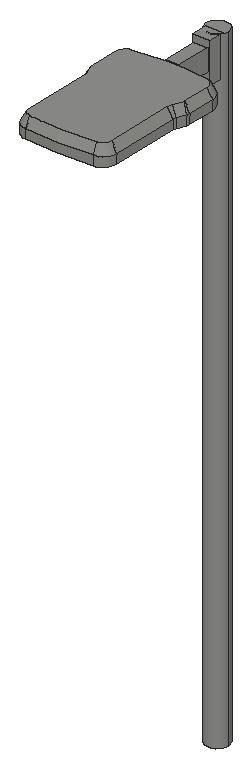
Revit family "VP-4-A_U", category Lighting Fixtures, host Face, Revit 2019
Family settings
  Host = Face
  Round Connector Dimension = Use Diameter
  Part Type = Normal
  OmniClass Number = 23.80.70.11.14.17
  OmniClass Title = Direct/Indirect
  Cut with Voids When Loaded = No
  Light Source = No
  Shared = Yes
  Room Calculation Point = No
Parameters (values of type "VP-4-A4U")
  Wattage Comments = "600W"  # constant formula
  Warranty = "Five year warranty"  # constant formula
  Voltage = 120 V
  URL = "https://www.currentlighting.com/beacon"
  Type Comments = "Lighting Fixture"  # constant formula
  Size = SIZE4_A_ : SIZE4_A_
  Product Page URL = "https://www.currentlighting.com/outdoor-lighting/viper-area-size-4/9606406"
  Product Documentation Link = "https://cdn.currentlighting.com/site/specsheet/BEA_VIPERSPEC.pdf"
  Power Factor = 0.9
  Pole Radius [instance] = Pole Size / 2  # 2.09"
  Pole Height [instance] = 120.00"
  Name = "Viper Area Size 4"  # constant formula
  Mounting Block Size [instance] = Pole Size - 1.00"  # 3.18"
  Model = "VP-4-A4U"
  Matt Grey = MATT GREY
  Matt Black = Matt Black
  Manufacturer = "Current Lighting"  # constant formula
  Load Classification = Lighting
  Light Output = 87468.00 cd/m²
  Lamp = "LED"  # constant formula
  Grey = Grey
  Glass = Glass
  Pole Size [instance] = 4.18"
  Features = "Featuring two different optical technologies, Micro Strike and Strike Optics, which provide the best distribution patterns for retrofit or new construction\r\nVibration rated for high vibration applications including bridges and overpasses\r\nControl options including photo control, occupancy sensing, NX Lighting Controls, wiSCAPE and 7-Pin with networked controls\r\nMounting options include: Arm, Universal Arm, Adjustable Arm, Mast Arm, Decorative Arm, Knuckle, Trunnion, Wall\r\nDistribution options include: Auto Front Row, Type 2, Type 3, Type 4 Forward, Type 4 Wide, Type 5 Narrow, Type 5 Medium, Type 5 Wide, Type 5 Rectangular, Corner Optic, and Tennis Court\r\n\r\n"  # constant formula
  Copyright = "© 2022 Current Lighting"  # constant formula
  Cool Grey = Cool Grey
  Contact Us = "https://www.currentlighting.com/contact-us"
  Certification = "UL"  # constant formula
  Description = "The Viper is an extremely versatile area/site luminaire which blends design, performance, and technology for a variety of applications."  # constant formula
  Default Elevation = 48.00"
  Finish = Arctic White
  Matt White = Matt White
  CRI = "70"  # constant formula
  Brand = "Beacon"  # constant formula
  Assembly Code = "D5020200"
  Apparent Load = 600 VA  # constant formula
Reference planes (in)
  plane 1 "Center (Front/Back)": y = 6.16697
  plane 2: z = 0
  plane 3 "Center (Left/Right)": x = 0
  plane 4: z = 3.75
  plane 5: z = -4.44
  plane 6: x = -2.09
  plane 7: x = 2.09
  plane 8: y = 4.07697
  plane 9: y = 8.25697
  plane 10: z = 120
Forms (in)
  Extrusion 1, solid, material "Cool Grey" <- "Cool Grey"
    sketch origin (0, 0, 0) x (1, 0, 0) y (0, 1, 0)
      loop
        circle (0, 6.16697) r 2.09
    from 0 to 120
Lines and regions (in)
  reference lines
    curve 1: line (0, 14.76606, -3.25) -> (0, 17.76606, -0.25)
    curve 2: line (0, -2.43213, -3.25) -> (0, 14.76606, -3.25)
    curve 3: line (0, -5.43213, -0.25) -> (0, -2.43213, -3.25)
    curve 4: line (0, 14.76606, -3.25) -> (0, 17.76606, -0.25)
    curve 5: line (0, -5.43213, -0.25) -> (0, 17.76606, -0.25)
    curve 6: line (0, 17.51606, -0.77432) -> (0, 18.26606, -0.77432)
    curve 7: line (0, 17.51606, -1.52432) -> (0, 17.51606, -0.77432)
    curve 8: line (0, 17.03614, -1.52432) -> (0, 17.51606, -1.52432)
    curve 9: line (0, 15.26606, -4.25) -> (0, 17.03614, -1.52432)
    curve 10: line (0, -4.7022, -1.52432) -> (0, -2.93213, -4.25)
    curve 11: line (0, -5.18213, -1.52432) -> (0, -4.7022, -1.52432)
    curve 12: line (0, -5.18213, -0.77432) -> (0, -5.18213, -1.52432)
    curve 13: line (0, -5.93213, -0.77432) -> (0, -5.18213, -0.77432)
Dimensions and locks (in)
  plane 4 to plane 2 = 3.75"
  "Pole Size": plane 8 to plane 9
  equal spacing: plane 8, plane 1 "Center (Front/Back)", plane 9
  equal spacing: plane 6, plane 3 "Center (Left/Right)", plane 7
  "Pole Size": plane 6 to plane 7
  "Pole Height": plane 10 to plane 2
  "Pole Radius": radius of Extrusion 1 sketch curve
  aligned and locked: plane 2 to host face
  aligned and locked: level to host face
  aligned and locked: plane 10 to Extrusion 1
  aligned and locked: plane 3 "Center (Left/Right)" to nested 1
  aligned and locked: plane 10 to nested 1
Automatic sketch dimensions
  host sketch curve to host sketch curve = 96.00"
  host sketch curve to host sketch curve = 85.00"
  curve 3 to level = 0.25"
  plane 8 to curve 3 = 9.50909"
  curve 3 to curve 12 = 0.25"
  curve 11 to curve 11 = 0.47992"
  curve 2 to plane 5 = 1.19"
  curve 10 to curve 2 = 2.27008"
  curve 1 to plane 9 = 6.50909"
  curve 9 to level = 1.52432"
  curve 1 to curve 9 = 2.27008"
  curve 8 to curve 8 = 0.47992"
  curve 6 to curve 4 = 0.25"
  curve 10 to curve 3 = 1.27432"
  curve 7 to curve 1 = 0.52432"
  curve 12 to curve 3 = 0.52432"
  curve 13 to curve 3 = 0.50"
  curve 10 to plane 5 = 0.19"
  curve 10 to curve 2 = 0.50"
  curve 9 to plane 5 = 0.19"
  curve 1 to curve 9 = 0.50"
  curve 1 to curve 6 = 0.50"
  plane 1 "Center (Front/Back)" to Extrusion 1 sketch curve = 0.00"
  Extrusion 1 sketch curve to plane 3 "Center (Left/Right)" = 0.00"
Nested families (in)
  nested 1: "SIZE4_A_" at (0, 4.07697, 116.96019) x (1, 0, 0) z (0, -1, 0), type <- "Size", type "SIZE4_A_"
    with Mounting Base Width 3.18"
Connectors (in)
  electrical at (0, 6.16697, 0), driven by "Power Factor", driven by "Apparent Load", driven by "Voltage"
    settings: on Extrusion 1, index 1, voltage 120 V, apparent load 600 VA, apparent load phase1 0 VA, apparent load phase2 0 VA, apparent load phase3 0 VA, power factor 0.9, load classification "Other", number of poles 1, system type 30, power factor state 1, is connector primary yes, connector utility no, sub classification motor no, connector description "Light Fixture"
Definition of nested family "SIZE4_A_"
  Parameters (values of type "SIZE4_A_")
    Width = 19.62"
    Wattage = 519.1 W
    built-in parameter 1150110 = 1 (stored number, unit not read)
    built-in parameter 1114217 = 1 (stored number, unit not read)
    Tilt Angle = 160.00°
    built-in parameter 1150109 = 1 (stored number, unit not read)
    built-in parameter 1150134 = 3
    built-in parameter 1150113 = 1 (stored number, unit not read)
    Photometric Web File = "VP-4-720L-515-5K7-4W-BC.ies"
    Mounting Base Width = 3.00"
    Mount Length = 7.50"
    built-in parameter 1150105 = 3180.8 (stored number, unit not read)
    Lumens = 39970.7 lm
    built-in parameter 1150115 = 1 (stored number, unit not read)
    built-in parameter 1150137 = (empty or 0)
    built-in parameter 1150139 = (empty or 0)
    Length = 27.98"
    built-in parameter 1150112 = 1 (stored number, unit not read)
    built-in parameter 1150114 = 1 (stored number, unit not read)
    built-in parameter 1150132 = (empty or 0)
    built-in parameter 1150102 = (empty or 0)
    built-in parameter 1150107 = 3200 (stored number, unit not read)
    built-in parameter 1150138 = (empty or 0)
    built-in parameter 1150106 = 31.808 (stored number, unit not read)
    Glass = none
    Fixture = none
    built-in parameter 1150104 = 7.1535 (stored number, unit not read)
    Dimming Lamp Color Temperature Shift = (empty or 0)
    Default Elevation = 48.00"
    Color Filter = 16777215
    built-in parameter 1114218 = 1 (stored number, unit not read)
    built-in parameter 1150133 = 10 (stored number, unit not read)
  Reference planes (in)
    plane 1 "Center (Front/Back)": y = 0
    plane 2: z = 0
    plane 3 "Center (Left/Right)": x = 0
    plane 4: x = 9.81
    plane 5: x = -9.81
    plane 6: z = 7.5
    plane 7: z = 35.48
    plane 8: y = -1.74
    plane 9: y = 1.74
    plane 10: x = -1.5
    plane 11: x = 1.5
  Forms (in)
    Extrusion 1, solid
      sketch origin (0, 0, 0) x (1, 0, 0) y (0, 1, 0)
        loop
          line (-48, 48) -> (-48, -48) -> (48, -48) -> (48, 48) -> (-48, 48)
      from 0 to -12
    Extrusion 2, solid, material <- "Fixture"
      sketch origin (0, 0, 0) x (0, 1, 0) y (0, 0, 1)
        loop
          line (1.74, 8.51105) -> (-1.5789, 8.51105) -> (-2.86955, -1.406) -> (1.74, -1.406) -> (1.74, 8.51105)
      from -1.24 to 1.24
    Extrusion 3, void
      sketch origin (0, 0, 0) x (1, 0, 0) y (0, 0, 1)
        loop
          arc (-8.40608, 15.16005) -> (0.0771, 15.81374) -> (8.56, 15.15635) r 55.21553
          line (8.56, 15.15635) -> (8.56, 33.16182) -> (-8.40608, 33.16182) -> (-8.40608, 15.16005)
      from 1 to 1.75
    Extrusion 4, solid, material <- "Glass"
      sketch origin (0, 0, -0.5) x (1, 0, 0) y (0, 0, 1)
        loop
          arc (-7.30987, 33.16182) -> (-7.55736, 33.05931) -> (-7.65987, 32.81182) r 0.35
          line (-7.65987, 32.81182) -> (-7.65987, 28.01182)
          arc (-7.65987, 28.01182) -> (-7.55736, 27.76434) -> (-7.30987, 27.66182) r 0.35
          line (-7.30987, 27.66182) -> (7.30987, 27.66182)
          arc (7.30987, 27.66182) -> (7.55736, 27.76434) -> (7.65987, 28.01182) r 0.35
          line (7.65987, 28.01182) -> (7.65987, 32.81182)
          arc (7.65987, 32.81182) -> (7.55736, 33.05931) -> (7.30987, 33.16182) r 0.35
          line (7.30987, 33.16182) -> (-7.30987, 33.16182)
      from 1 to 1.35
    Extrusion 5, solid, material <- "Glass"
      sketch origin (0.375, 0, -0.375) x (1, 0, 0) y (0, 0, 1)
        loop
          circle (-7.47829, 32.33694) r 0.15
        loop
          circle (-6.95955, 32.33694) r 0.15
        loop
          circle (-6.4408, 32.33694) r 0.15
        loop
          circle (-5.92205, 32.33694) r 0.15
        loop
          circle (-5.4033, 32.33694) r 0.15
        loop
          circle (-4.88455, 32.33694) r 0.15
        loop
          circle (-4.3658, 32.33694) r 0.15
        loop
          circle (-3.84705, 32.33694) r 0.15
        loop
          circle (-3.32831, 32.33694) r 0.15
        loop
          circle (-7.47829, 31.83694) r 0.15
        loop
          circle (-6.95955, 31.83694) r 0.15
        loop
          circle (-6.4408, 31.83694) r 0.15
        loop
          circle (-5.92205, 31.83694) r 0.15
        loop
          circle (-5.4033, 31.83694) r 0.15
        loop
          circle (-4.88455, 31.83694) r 0.15
        loop
          circle (-4.3658, 31.83694) r 0.15
        loop
          circle (-3.84705, 31.83694) r 0.15
        loop
          circle (-3.32831, 31.83694) r 0.15
        loop
          circle (-7.47829, 31.33694) r 0.15
        loop
          circle (-6.95955, 31.33694) r 0.15
        loop
          circle (-6.4408, 31.33694) r 0.15
        loop
          circle (-5.92205, 31.33694) r 0.15
        loop
          circle (-5.4033, 31.33694) r 0.15
        loop
          circle (-4.88455, 31.33694) r 0.15
        loop
          circle (-4.3658, 31.33694) r 0.15
        loop
          circle (-3.84705, 31.33694) r 0.15
        loop
          circle (-3.32831, 31.33694) r 0.15
        loop
          circle (-7.47829, 30.83694) r 0.15
        loop
          circle (-6.95955, 30.83694) r 0.15
        loop
          circle (-6.4408, 30.83694) r 0.15
        loop
          circle (-5.92205, 30.83694) r 0.15
        loop
          circle (-5.4033, 30.83694) r 0.15
        loop
          circle (-4.88455, 30.83694) r 0.15
        loop
          circle (-4.3658, 30.83694) r 0.15
        loop
          circle (-3.84705, 30.83694) r 0.15
        loop
          circle (-3.32831, 30.83694) r 0.15
        loop
          circle (-7.47829, 30.33694) r 0.15
        loop
          circle (-6.95955, 30.33694) r 0.15
        loop
          circle (-6.4408, 30.33694) r 0.15
        loop
          circle (-5.92205, 30.33694) r 0.15
        loop
          circle (-5.4033, 30.33694) r 0.15
        loop
          circle (-4.88455, 30.33694) r 0.15
        loop
          circle (-4.3658, 30.33694) r 0.15
        loop
          circle (-3.84705, 30.33694) r 0.15
        loop
          circle (-3.32831, 30.33694) r 0.15
        loop
          circle (-7.47829, 29.83694) r 0.15
        loop
          circle (-6.95955, 29.83694) r 0.15
        loop
          circle (-6.4408, 29.83694) r 0.15
        loop
          circle (-5.92205, 29.83694) r 0.15
        loop
          circle (-5.4033, 29.83694) r 0.15
        loop
          circle (-4.88455, 29.83694) r 0.15
        loop
          circle (-4.3658, 29.83694) r 0.15
        loop
          circle (-3.84705, 29.83694) r 0.15
        loop
          circle (-3.32831, 29.83694) r 0.15
        loop
          circle (-7.47829, 29.33694) r 0.15
        loop
          circle (-6.95955, 29.33694) r 0.15
        loop
          circle (-6.4408, 29.33694) r 0.15
        loop
          circle (-5.92205, 29.33694) r 0.15
        loop
          circle (-5.4033, 29.33694) r 0.15
        loop
          circle (-4.88455, 29.33694) r 0.15
        loop
          circle (-4.3658, 29.33694) r 0.15
        loop
          circle (-3.84705, 29.33694) r 0.15
        loop
          circle (-3.32831, 29.33694) r 0.15
        loop
          circle (-7.47829, 28.83694) r 0.15
        loop
          circle (-6.95955, 28.83694) r 0.15
        loop
          circle (-6.4408, 28.83694) r 0.15
        loop
          circle (-5.92205, 28.83694) r 0.15
        loop
          circle (-5.4033, 28.83694) r 0.15
        loop
          circle (-4.88455, 28.83694) r 0.15
        loop
          circle (-4.3658, 28.83694) r 0.15
        loop
          circle (-3.84705, 28.83694) r 0.15
        loop
          circle (-3.32831, 28.83694) r 0.15
        loop
          circle (-7.47829, 28.33694) r 0.15
        loop
          circle (-6.95955, 28.33694) r 0.15
        loop
          circle (-6.4408, 28.33694) r 0.15
        loop
          circle (-5.92205, 28.33694) r 0.15
        loop
          circle (-5.4033, 28.33694) r 0.15
        loop
          circle (-4.88455, 28.33694) r 0.15
        loop
          circle (-4.3658, 28.33694) r 0.15
        loop
          circle (-3.84705, 28.33694) r 0.15
        loop
          circle (-3.32831, 28.33694) r 0.15
      from 1.35 to 1.4
    Extrusion 6, solid, material <- "Glass"
      sketch origin (0, 0, -0.375) x (1, 0, 0) y (0, 0, 1)
        loop
          arc (-7.16655, 32.8409) -> (-7.34333, 32.76768) -> (-7.41655, 32.5909) r 0.25
          line (-7.41655, 32.5909) -> (-7.41655, 28.0909)
          arc (-7.41655, 28.0909) -> (-7.34333, 27.91412) -> (-7.16655, 27.8409) r 0.25
          line (-7.16655, 27.8409) -> (-2.81123, 27.8409)
          arc (-2.81123, 27.8409) -> (-2.63446, 27.91412) -> (-2.56123, 28.0909) r 0.25
          line (-2.56123, 28.0909) -> (-2.56123, 32.5909)
          arc (-2.56123, 32.5909) -> (-2.63446, 32.76768) -> (-2.81123, 32.8409) r 0.25
          line (-2.81123, 32.8409) -> (-7.16655, 32.8409)
      from 1.35 to 1.37213
    Extrusion 7, solid, material <- "Fixture"
      sketch origin (0, 0, 12.875) x (1, 0, 0) y (0, 1, 0)
        loop
          line (7.68693, -1) -> (7.68693, -1.20146)
          arc (7.68693, -1.20146) -> (7.69367, -1.23973) -> (7.71311, -1.27339) r 0.1119
          line (7.71311, -1.27339) -> (8.07367, -1.70309)
          arc (8.07367, -1.70309) -> (8.10164, -1.72455) -> (8.13607, -1.73219) r 0.08147
          line (8.13607, -1.73219) -> (8.56, -1.73219) -> (8.56, -1) -> (7.68693, -1)
      from 18.55 to 18.65
    Extrusion 8, solid, material <- "Glass"
      sketch origin (-0.375, 0, -0.375) x (-1, 0, 0) y (0, 0, -1)
        loop
          circle (-7.47829, -32.33694) r 0.15
        loop
          circle (-6.95955, -32.33694) r 0.15
        loop
          circle (-6.4408, -32.33694) r 0.15
        loop
          circle (-5.92205, -32.33694) r 0.15
        loop
          circle (-5.4033, -32.33694) r 0.15
        loop
          circle (-4.88455, -32.33694) r 0.15
        loop
          circle (-4.3658, -32.33694) r 0.15
        loop
          circle (-3.84705, -32.33694) r 0.15
        loop
          circle (-3.32831, -32.33694) r 0.15
        loop
          circle (-7.47829, -31.83694) r 0.15
        loop
          circle (-6.95955, -31.83694) r 0.15
        loop
          circle (-6.4408, -31.83694) r 0.15
        loop
          circle (-5.92205, -31.83694) r 0.15
        loop
          circle (-5.4033, -31.83694) r 0.15
        loop
          circle (-4.88455, -31.83694) r 0.15
        loop
          circle (-4.3658, -31.83694) r 0.15
        loop
          circle (-3.84705, -31.83694) r 0.15
        loop
          circle (-3.32831, -31.83694) r 0.15
        loop
          circle (-7.47829, -31.33694) r 0.15
        loop
          circle (-6.95955, -31.33694) r 0.15
        loop
          circle (-6.4408, -31.33694) r 0.15
        loop
          circle (-5.92205, -31.33694) r 0.15
        loop
          circle (-5.4033, -31.33694) r 0.15
        loop
          circle (-4.88455, -31.33694) r 0.15
        loop
          circle (-4.3658, -31.33694) r 0.15
        loop
          circle (-3.84705, -31.33694) r 0.15
        loop
          circle (-3.32831, -31.33694) r 0.15
        loop
          circle (-7.47829, -30.83694) r 0.15
        loop
          circle (-6.95955, -30.83694) r 0.15
        loop
          circle (-6.4408, -30.83694) r 0.15
        loop
          circle (-5.92205, -30.83694) r 0.15
        loop
          circle (-5.4033, -30.83694) r 0.15
        loop
          circle (-4.88455, -30.83694) r 0.15
        loop
          circle (-4.3658, -30.83694) r 0.15
        loop
          circle (-3.84705, -30.83694) r 0.15
        loop
          circle (-3.32831, -30.83694) r 0.15
        loop
          circle (-7.47829, -30.33694) r 0.15
        loop
          circle (-6.95955, -30.33694) r 0.15
        loop
          circle (-6.4408, -30.33694) r 0.15
        loop
          circle (-5.92205, -30.33694) r 0.15
        loop
          circle (-5.4033, -30.33694) r 0.15
        loop
          circle (-4.88455, -30.33694) r 0.15
        loop
          circle (-4.3658, -30.33694) r 0.15
        loop
          circle (-3.84705, -30.33694) r 0.15
        loop
          circle (-3.32831, -30.33694) r 0.15
        loop
          circle (-7.47829, -29.83694) r 0.15
        loop
          circle (-6.95955, -29.83694) r 0.15
        loop
          circle (-6.4408, -29.83694) r 0.15
        loop
          circle (-5.92205, -29.83694) r 0.15
        loop
          circle (-5.4033, -29.83694) r 0.15
        loop
          circle (-4.88455, -29.83694) r 0.15
        loop
          circle (-4.3658, -29.83694) r 0.15
        loop
          circle (-3.84705, -29.83694) r 0.15
        loop
          circle (-3.32831, -29.83694) r 0.15
        loop
          circle (-7.47829, -29.33694) r 0.15
        loop
          circle (-6.95955, -29.33694) r 0.15
        loop
          circle (-6.4408, -29.33694) r 0.15
        loop
          circle (-5.92205, -29.33694) r 0.15
        loop
          circle (-5.4033, -29.33694) r 0.15
        loop
          circle (-4.88455, -29.33694) r 0.15
        loop
          circle (-4.3658, -29.33694) r 0.15
        loop
          circle (-3.84705, -29.33694) r 0.15
        loop
          circle (-3.32831, -29.33694) r 0.15
        loop
          circle (-7.47829, -28.83694) r 0.15
        loop
          circle (-6.95955, -28.83694) r 0.15
        loop
          circle (-6.4408, -28.83694) r 0.15
        loop
          circle (-5.92205, -28.83694) r 0.15
        loop
          circle (-5.4033, -28.83694) r 0.15
        loop
          circle (-4.88455, -28.83694) r 0.15
        loop
          circle (-4.3658, -28.83694) r 0.15
        loop
          circle (-3.84705, -28.83694) r 0.15
        loop
          circle (-3.32831, -28.83694) r 0.15
        loop
          circle (-7.47829, -28.33694) r 0.15
        loop
          circle (-6.95955, -28.33694) r 0.15
        loop
          circle (-6.4408, -28.33694) r 0.15
        loop
          circle (-5.92205, -28.33694) r 0.15
        loop
          circle (-5.4033, -28.33694) r 0.15
        loop
          circle (-4.88455, -28.33694) r 0.15
        loop
          circle (-4.3658, -28.33694) r 0.15
        loop
          circle (-3.84705, -28.33694) r 0.15
        loop
          circle (-3.32831, -28.33694) r 0.15
      from 1.35 to 1.4
    Extrusion 9, solid, material <- "Glass"
      sketch origin (0, 0, -0.375) x (-1, 0, 0) y (0, 0, -1)
        loop
          line (-7.16655, -32.8409) -> (-2.84181, -32.8409)
          arc (-2.84181, -32.8409) -> (-2.66504, -32.76768) -> (-2.59181, -32.5909) r 0.25
          line (-2.59181, -32.5909) -> (-2.59181, -28.0909)
          arc (-2.59181, -28.0909) -> (-2.66504, -27.91412) -> (-2.84181, -27.8409) r 0.25
          line (-2.84181, -27.8409) -> (-7.16655, -27.8409)
          arc (-7.16655, -27.8409) -> (-7.34333, -27.91412) -> (-7.41655, -28.0909) r 0.25
          line (-7.41655, -28.0909) -> (-7.41655, -32.5909)
          arc (-7.41655, -32.5909) -> (-7.34333, -32.76768) -> (-7.16655, -32.8409) r 0.25
      from 1.35 to 1.37213
    Extrusion 10, solid, material <- "Glass"
      sketch origin (0, 0, -5.75) x (1, 0, 0) y (0, 0, 1)
        loop
          arc (-7.30987, 32.91182) -> (-7.55736, 32.80931) -> (-7.65987, 32.56182) r 0.35
          line (-7.65987, 32.56182) -> (-7.65987, 27.76182)
          arc (-7.65987, 27.76182) -> (-7.55736, 27.51434) -> (-7.30987, 27.41182) r 0.35
          line (-7.30987, 27.41182) -> (7.30987, 27.41182)
          arc (7.30987, 27.41182) -> (7.55736, 27.51434) -> (7.65987, 27.76182) r 0.35
          line (7.65987, 27.76182) -> (7.65987, 32.56182)
          arc (7.65987, 32.56182) -> (7.55736, 32.80931) -> (7.30987, 32.91182) r 0.35
          line (7.30987, 32.91182) -> (-7.30987, 32.91182)
      from 1 to 1.35
    Extrusion 11, solid, material <- "Glass"
      sketch origin (0, 0, 47.30365) x (1, 0, 0) y (0, 0, 1)
        loop
          line (-7.30987, -31.14182) -> (7.30987, -31.14182)
          arc (7.30987, -31.14182) -> (7.55736, -31.03931) -> (7.65987, -30.79182) r 0.35
          line (7.65987, -30.79182) -> (7.65987, -25.99182)
          arc (7.65987, -25.99182) -> (7.55736, -25.74434) -> (7.30987, -25.64182) r 0.35
          line (7.30987, -25.64182) -> (-7.30987, -25.64182)
          arc (-7.30987, -25.64182) -> (-7.55736, -25.74434) -> (-7.65987, -25.99182) r 0.35
          line (-7.65987, -25.99182) -> (-7.65987, -30.79182)
          arc (-7.65987, -30.79182) -> (-7.55736, -31.03931) -> (-7.30987, -31.14182) r 0.35
      from 1 to 1.35
    Extrusion 12, solid, material <- "Fixture"
      sketch origin (0, 0, 11.87318) x (1, 0, 0) y (0, 1, 0)
        loop
          line (7.68693, -1) -> (7.68693, -1.20146)
          arc (7.68693, -1.20146) -> (7.69367, -1.23973) -> (7.71311, -1.27339) r 0.1119
          line (7.71311, -1.27339) -> (8.07367, -1.70309)
          arc (8.07367, -1.70309) -> (8.10164, -1.72455) -> (8.13607, -1.73219) r 0.08147
          line (8.13607, -1.73219) -> (8.56, -1.73219) -> (8.56, -1) -> (7.68693, -1)
      from 18.55 to 18.65
    Extrusion 13, solid, material <- "Fixture"
      sketch origin (0, 0, 10.87135) x (1, 0, 0) y (0, 1, 0)
        loop
          line (7.68693, -1) -> (7.68693, -1.20146)
          arc (7.68693, -1.20146) -> (7.69367, -1.23973) -> (7.71311, -1.27339) r 0.1119
          line (7.71311, -1.27339) -> (8.07367, -1.70309)
          arc (8.07367, -1.70309) -> (8.10164, -1.72455) -> (8.13607, -1.73219) r 0.08147
          line (8.13607, -1.73219) -> (8.56, -1.73219) -> (8.56, -1) -> (7.68693, -1)
      from 18.55 to 18.65
    Extrusion 14, solid, material <- "Fixture"
      sketch origin (0, 0, 9.86953) x (1, 0, 0) y (0, 1, 0)
        loop
          line (7.68693, -1) -> (7.68693, -1.20146)
          arc (7.68693, -1.20146) -> (7.69367, -1.23973) -> (7.71311, -1.27339) r 0.1119
          line (7.71311, -1.27339) -> (8.07367, -1.70309)
          arc (8.07367, -1.70309) -> (8.10164, -1.72455) -> (8.13607, -1.73219) r 0.08147
          line (8.13607, -1.73219) -> (8.56, -1.73219) -> (8.56, -1) -> (7.68693, -1)
      from 18.55 to 18.65
    Extrusion 15, solid, material <- "Fixture"
      sketch origin (0, 0, 8.86953) x (1, 0, 0) y (0, 1, 0)
        loop
          line (7.68693, -1) -> (7.68693, -1.20146)
          arc (7.68693, -1.20146) -> (7.69367, -1.23973) -> (7.71311, -1.27339) r 0.1119
          line (7.71311, -1.27339) -> (8.07367, -1.70309)
          arc (8.07367, -1.70309) -> (8.10164, -1.72455) -> (8.13607, -1.73219) r 0.08147
          line (8.13607, -1.73219) -> (8.56, -1.73219) -> (8.56, -1) -> (7.68693, -1)
      from 18.55 to 18.65
    Extrusion 16, solid, material <- "Fixture"
      sketch origin (0, 0, 7.8125) x (1, 0, 0) y (0, 1, 0)
        loop
          line (7.68693, -1) -> (7.68693, -1.20146)
          arc (7.68693, -1.20146) -> (7.69367, -1.23973) -> (7.71311, -1.27339) r 0.1119
          line (7.71311, -1.27339) -> (8.07367, -1.70309)
          arc (8.07367, -1.70309) -> (8.10164, -1.72455) -> (8.13607, -1.73219) r 0.08147
          line (8.13607, -1.73219) -> (8.56, -1.73219) -> (8.56, -1) -> (7.68693, -1)
      from 18.55 to 18.65
    Extrusion 17, solid, material <- "Fixture"
      sketch origin (0, 0, 6.81068) x (1, 0, 0) y (0, 1, 0)
        loop
          line (7.68693, -1) -> (7.68693, -1.20146)
          arc (7.68693, -1.20146) -> (7.69367, -1.23973) -> (7.71311, -1.27339) r 0.1119
          line (7.71311, -1.27339) -> (8.07367, -1.70309)
          arc (8.07367, -1.70309) -> (8.10164, -1.72455) -> (8.13607, -1.73219) r 0.08147
          line (8.13607, -1.73219) -> (8.56, -1.73219) -> (8.56, -1) -> (7.68693, -1)
      from 18.55 to 18.65
    Extrusion 18, solid, material <- "Fixture"
      sketch origin (0, 0, 5.80885) x (1, 0, 0) y (0, 1, 0)
        loop
          line (7.68693, -1) -> (7.68693, -1.20146)
          arc (7.68693, -1.20146) -> (7.69367, -1.23973) -> (7.71311, -1.27339) r 0.1119
          line (7.71311, -1.27339) -> (8.07367, -1.70309)
          arc (8.07367, -1.70309) -> (8.10164, -1.72455) -> (8.13607, -1.73219) r 0.08147
          line (8.13607, -1.73219) -> (8.56, -1.73219) -> (8.56, -1) -> (7.68693, -1)
      from 18.55 to 18.65
    Extrusion 19, solid, material <- "Fixture"
      sketch origin (0, 0, 4.80703) x (1, 0, 0) y (0, 1, 0)
        loop
          line (7.68693, -1) -> (7.68693, -1.20146)
          arc (7.68693, -1.20146) -> (7.69367, -1.23973) -> (7.71311, -1.27339) r 0.1119
          line (7.71311, -1.27339) -> (8.07367, -1.70309)
          arc (8.07367, -1.70309) -> (8.10164, -1.72455) -> (8.13607, -1.73219) r 0.08147
          line (8.13607, -1.73219) -> (8.56, -1.73219) -> (8.56, -1) -> (7.68693, -1)
      from 18.55 to 18.65
    Extrusion 20, solid, material <- "Fixture"
      sketch origin (0, 0, 3.80703) x (1, 0, 0) y (0, 1, 0)
        loop
          line (7.68693, -1) -> (7.68693, -1.20146)
          arc (7.68693, -1.20146) -> (7.69367, -1.23973) -> (7.71311, -1.27339) r 0.1119
          line (7.71311, -1.27339) -> (8.07367, -1.70309)
          arc (8.07367, -1.70309) -> (8.10164, -1.72455) -> (8.13607, -1.73219) r 0.08147
          line (8.13607, -1.73219) -> (8.56, -1.73219) -> (8.56, -1) -> (7.68693, -1)
      from 18.55 to 18.65
    Extrusion 21, solid, material <- "Fixture"
      sketch origin (0, 0, 2.125) x (1, 0, 0) y (0, 1, 0)
        loop
          line (7.68693, -1) -> (7.68693, -1.20146)
          arc (7.68693, -1.20146) -> (7.69367, -1.23973) -> (7.71311, -1.27339) r 0.1119
          line (7.71311, -1.27339) -> (8.07367, -1.70309)
          arc (8.07367, -1.70309) -> (8.10164, -1.72455) -> (8.13607, -1.73219) r 0.08147
          line (8.13607, -1.73219) -> (8.56, -1.73219) -> (8.56, -1) -> (7.68693, -1)
      from 18.55 to 18.65
    Extrusion 22, solid, material <- "Fixture"
      sketch origin (0, 0, 1.12318) x (1, 0, 0) y (0, 1, 0)
        loop
          line (7.68693, -1) -> (7.68693, -1.20146)
          arc (7.68693, -1.20146) -> (7.69367, -1.23973) -> (7.71311, -1.27339) r 0.1119
          line (7.71311, -1.27339) -> (8.07367, -1.70309)
          arc (8.07367, -1.70309) -> (8.10164, -1.72455) -> (8.13607, -1.73219) r 0.08147
          line (8.13607, -1.73219) -> (8.56, -1.73219) -> (8.56, -1) -> (7.68693, -1)
      from 18.55 to 18.65
    Extrusion 23, solid, material <- "Fixture"
      sketch origin (0, 0, 0.12135) x (1, 0, 0) y (0, 1, 0)
        loop
          line (7.68693, -1) -> (7.68693, -1.20146)
          arc (7.68693, -1.20146) -> (7.69367, -1.23973) -> (7.71311, -1.27339) r 0.1119
          line (7.71311, -1.27339) -> (8.07367, -1.70309)
          arc (8.07367, -1.70309) -> (8.10164, -1.72455) -> (8.13607, -1.73219) r 0.08147
          line (8.13607, -1.73219) -> (8.56, -1.73219) -> (8.56, -1) -> (7.68693, -1)
      from 18.55 to 18.65
    Extrusion 24, solid, material <- "Fixture"
      sketch origin (0, 0, -0.88047) x (1, 0, 0) y (0, 1, 0)
        loop
          line (7.68693, -1) -> (7.68693, -1.20146)
          arc (7.68693, -1.20146) -> (7.69367, -1.23973) -> (7.71311, -1.27339) r 0.1119
          line (7.71311, -1.27339) -> (8.07367, -1.70309)
          arc (8.07367, -1.70309) -> (8.10164, -1.72455) -> (8.13607, -1.73219) r 0.08147
          line (8.13607, -1.73219) -> (8.56, -1.73219) -> (8.56, -1) -> (7.68693, -1)
      from 18.55 to 18.65
    Extrusion 25, solid, material <- "Fixture"
      sketch origin (0, 0, -1.88047) x (1, 0, 0) y (0, 1, 0)
        loop
          line (7.68693, -1) -> (7.68693, -1.20146)
          arc (7.68693, -1.20146) -> (7.69367, -1.23973) -> (7.71311, -1.27339) r 0.1119
          line (7.71311, -1.27339) -> (8.07367, -1.70309)
          arc (8.07367, -1.70309) -> (8.10164, -1.72455) -> (8.13607, -1.73219) r 0.08147
          line (8.13607, -1.73219) -> (8.56, -1.73219) -> (8.56, -1) -> (7.68693, -1)
      from 18.55 to 18.65
    Extrusion 26, solid, material <- "Fixture"
      sketch origin (0.07812, 0, 13.125) x (-1, 0, 0) y (0, -1, 0)
        loop
          line (7.68693, 1) -> (8.56, 1) -> (8.56, 1.73219) -> (8.13607, 1.73219)
          arc (8.13607, 1.73219) -> (8.10164, 1.72455) -> (8.07367, 1.70309) r 0.08147
          line (8.07367, 1.70309) -> (7.71311, 1.27339)
          arc (7.71311, 1.27339) -> (7.69367, 1.23973) -> (7.68693, 1.20146) r 0.1119
          line (7.68693, 1.20146) -> (7.68693, 1)
      from 18.55 to 18.65
    Extrusion 27, solid, material <- "Fixture"
      sketch origin (0.07812, 0, 12.12318) x (-1, 0, 0) y (0, -1, 0)
        loop
          line (7.68693, 1) -> (8.56, 1) -> (8.56, 1.73219) -> (8.13607, 1.73219)
          arc (8.13607, 1.73219) -> (8.10164, 1.72455) -> (8.07367, 1.70309) r 0.08147
          line (8.07367, 1.70309) -> (7.71311, 1.27339)
          arc (7.71311, 1.27339) -> (7.69367, 1.23973) -> (7.68693, 1.20146) r 0.1119
          line (7.68693, 1.20146) -> (7.68693, 1)
      from 18.55 to 18.65
    Extrusion 28, solid, material <- "Fixture"
      sketch origin (0.07812, 0, 11.12135) x (-1, 0, 0) y (0, -1, 0)
        loop
          line (7.68693, 1) -> (8.56, 1) -> (8.56, 1.73219) -> (8.13607, 1.73219)
          arc (8.13607, 1.73219) -> (8.10164, 1.72455) -> (8.07367, 1.70309) r 0.08147
          line (8.07367, 1.70309) -> (7.71311, 1.27339)
          arc (7.71311, 1.27339) -> (7.69367, 1.23973) -> (7.68693, 1.20146) r 0.1119
          line (7.68693, 1.20146) -> (7.68693, 1)
      from 18.55 to 18.65
    Extrusion 29, solid, material <- "Fixture"
      sketch origin (0.07812, 0, 10.11953) x (-1, 0, 0) y (0, -1, 0)
        loop
          line (7.68693, 1) -> (8.56, 1) -> (8.56, 1.73219) -> (8.13607, 1.73219)
          arc (8.13607, 1.73219) -> (8.10164, 1.72455) -> (8.07367, 1.70309) r 0.08147
          line (8.07367, 1.70309) -> (7.71311, 1.27339)
          arc (7.71311, 1.27339) -> (7.69367, 1.23973) -> (7.68693, 1.20146) r 0.1119
          line (7.68693, 1.20146) -> (7.68693, 1)
      from 18.55 to 18.65
    Extrusion 30, solid, material <- "Fixture"
      sketch origin (0.07812, 0, 9.11953) x (-1, 0, 0) y (0, -1, 0)
        loop
          line (7.68693, 1) -> (8.56, 1) -> (8.56, 1.73219) -> (8.13607, 1.73219)
          arc (8.13607, 1.73219) -> (8.10164, 1.72455) -> (8.07367, 1.70309) r 0.08147
          line (8.07367, 1.70309) -> (7.71311, 1.27339)
          arc (7.71311, 1.27339) -> (7.69367, 1.23973) -> (7.68693, 1.20146) r 0.1119
          line (7.68693, 1.20146) -> (7.68693, 1)
      from 18.55 to 18.65
    Extrusion 31, solid, material <- "Fixture"
      sketch origin (0.07812, 0, 8.0625) x (-1, 0, 0) y (0, -1, 0)
        loop
          line (7.68693, 1) -> (8.56, 1) -> (8.56, 1.73219) -> (8.13607, 1.73219)
          arc (8.13607, 1.73219) -> (8.10164, 1.72455) -> (8.07367, 1.70309) r 0.08147
          line (8.07367, 1.70309) -> (7.71311, 1.27339)
          arc (7.71311, 1.27339) -> (7.69367, 1.23973) -> (7.68693, 1.20146) r 0.1119
          line (7.68693, 1.20146) -> (7.68693, 1)
      from 18.55 to 18.65
    Extrusion 32, solid, material <- "Fixture"
      sketch origin (0.07812, 0, 7.06068) x (-1, 0, 0) y (0, -1, 0)
        loop
          line (7.68693, 1) -> (8.56, 1) -> (8.56, 1.73219) -> (8.13607, 1.73219)
          arc (8.13607, 1.73219) -> (8.10164, 1.72455) -> (8.07367, 1.70309) r 0.08147
          line (8.07367, 1.70309) -> (7.71311, 1.27339)
          arc (7.71311, 1.27339) -> (7.69367, 1.23973) -> (7.68693, 1.20146) r 0.1119
          line (7.68693, 1.20146) -> (7.68693, 1)
      from 18.55 to 18.65
    Extrusion 33, solid, material <- "Fixture"
      sketch origin (0.07812, 0, 6.05885) x (-1, 0, 0) y (0, -1, 0)
        loop
          line (7.68693, 1) -> (8.56, 1) -> (8.56, 1.73219) -> (8.13607, 1.73219)
          arc (8.13607, 1.73219) -> (8.10164, 1.72455) -> (8.07367, 1.70309) r 0.08147
          line (8.07367, 1.70309) -> (7.71311, 1.27339)
          arc (7.71311, 1.27339) -> (7.69367, 1.23973) -> (7.68693, 1.20146) r 0.1119
          line (7.68693, 1.20146) -> (7.68693, 1)
      from 18.55 to 18.65
    Extrusion 34, solid, material <- "Fixture"
      sketch origin (0.07812, 0, 5.05703) x (-1, 0, 0) y (0, -1, 0)
        loop
          line (7.68693, 1) -> (8.56, 1) -> (8.56, 1.73219) -> (8.13607, 1.73219)
          arc (8.13607, 1.73219) -> (8.10164, 1.72455) -> (8.07367, 1.70309) r 0.08147
          line (8.07367, 1.70309) -> (7.71311, 1.27339)
          arc (7.71311, 1.27339) -> (7.69367, 1.23973) -> (7.68693, 1.20146) r 0.1119
          line (7.68693, 1.20146) -> (7.68693, 1)
      from 18.55 to 18.65
    Extrusion 35, solid, material <- "Fixture"
      sketch origin (0.07812, 0, 4.05703) x (-1, 0, 0) y (0, -1, 0)
        loop
          line (7.68693, 1) -> (8.56, 1) -> (8.56, 1.73219) -> (8.13607, 1.73219)
          arc (8.13607, 1.73219) -> (8.10164, 1.72455) -> (8.07367, 1.70309) r 0.08147
          line (8.07367, 1.70309) -> (7.71311, 1.27339)
          arc (7.71311, 1.27339) -> (7.69367, 1.23973) -> (7.68693, 1.20146) r 0.1119
          line (7.68693, 1.20146) -> (7.68693, 1)
      from 18.55 to 18.65
    Extrusion 36, solid, material <- "Fixture"
      sketch origin (0.07812, 0, 2.375) x (-1, 0, 0) y (0, -1, 0)
        loop
          line (7.68693, 1) -> (8.56, 1) -> (8.56, 1.73219) -> (8.13607, 1.73219)
          arc (8.13607, 1.73219) -> (8.10164, 1.72455) -> (8.07367, 1.70309) r 0.08147
          line (8.07367, 1.70309) -> (7.71311, 1.27339)
          arc (7.71311, 1.27339) -> (7.69367, 1.23973) -> (7.68693, 1.20146) r 0.1119
          line (7.68693, 1.20146) -> (7.68693, 1)
      from 18.55 to 18.65
    Extrusion 37, solid, material <- "Fixture"
      sketch origin (0.07812, 0, 1.37318) x (-1, 0, 0) y (0, -1, 0)
        loop
          line (7.68693, 1) -> (8.56, 1) -> (8.56, 1.73219) -> (8.13607, 1.73219)
          arc (8.13607, 1.73219) -> (8.10164, 1.72455) -> (8.07367, 1.70309) r 0.08147
          line (8.07367, 1.70309) -> (7.71311, 1.27339)
          arc (7.71311, 1.27339) -> (7.69367, 1.23973) -> (7.68693, 1.20146) r 0.1119
          line (7.68693, 1.20146) -> (7.68693, 1)
      from 18.55 to 18.65
    Extrusion 38, solid, material <- "Fixture"
      sketch origin (0.07812, 0, 0.37135) x (-1, 0, 0) y (0, -1, 0)
        loop
          line (7.68693, 1) -> (8.56, 1) -> (8.56, 1.73219) -> (8.13607, 1.73219)
          arc (8.13607, 1.73219) -> (8.10164, 1.72455) -> (8.07367, 1.70309) r 0.08147
          line (8.07367, 1.70309) -> (7.71311, 1.27339)
          arc (7.71311, 1.27339) -> (7.69367, 1.23973) -> (7.68693, 1.20146) r 0.1119
          line (7.68693, 1.20146) -> (7.68693, 1)
      from 18.55 to 18.65
    Extrusion 39, solid, material <- "Fixture"
      sketch origin (0.07812, 0, -0.63047) x (-1, 0, 0) y (0, -1, 0)
        loop
          line (7.68693, 1) -> (8.56, 1) -> (8.56, 1.73219) -> (8.13607, 1.73219)
          arc (8.13607, 1.73219) -> (8.10164, 1.72455) -> (8.07367, 1.70309) r 0.08147
          line (8.07367, 1.70309) -> (7.71311, 1.27339)
          arc (7.71311, 1.27339) -> (7.69367, 1.23973) -> (7.68693, 1.20146) r 0.1119
          line (7.68693, 1.20146) -> (7.68693, 1)
      from 18.55 to 18.65
    Extrusion 40, solid, material <- "Fixture"
      sketch origin (0.07812, 0, -1.63047) x (-1, 0, 0) y (0, -1, 0)
        loop
          line (7.68693, 1) -> (8.56, 1) -> (8.56, 1.73219) -> (8.13607, 1.73219)
          arc (8.13607, 1.73219) -> (8.10164, 1.72455) -> (8.07367, 1.70309) r 0.08147
          line (8.07367, 1.70309) -> (7.71311, 1.27339)
          arc (7.71311, 1.27339) -> (7.69367, 1.23973) -> (7.68693, 1.20146) r 0.1119
          line (7.68693, 1.20146) -> (7.68693, 1)
      from 18.55 to 18.65
    Extrusion 41, void
      sketch origin (0, 0, 3.625) x (1, 0, 0) y (0, 0, 1)
        loop
          line (-8.70207, 10.26622) -> (-8.70207, 9.26622)
          arc (-8.70207, 9.26622) -> (-0.07103, 7.54738) -> (8.57, 9.21524) r 22.86863
          line (8.57, 9.21524) -> (8.57, 10.21524)
          arc (8.57, 10.21524) -> (-0.07103, 8.54738) -> (-8.70207, 10.26622) r 22.86863
        loop
          line (-8.61035, 8.24972) -> (-8.61035, 7.97854)
          arc (-8.61035, 7.97854) -> (-0.06712, 6.29523) -> (8.48535, 7.93095) r 22.84399
          line (8.48535, 7.93095) -> (8.48535, 8.20243)
          arc (8.48535, 8.20243) -> (-0.06706, 6.57598) -> (-8.61035, 8.24972) r 22.96502
        loop
          line (-8.61035, 7.49972) -> (-8.61035, 7.22854)
          arc (-8.61035, 7.22854) -> (-0.06712, 5.54523) -> (8.48535, 7.18095) r 22.84399
          line (8.48535, 7.18095) -> (8.48535, 7.45243)
          arc (8.48535, 7.45243) -> (-0.06706, 5.82598) -> (-8.61035, 7.49972) r 22.96502
      from 1 to 1.75
    Extrusion 42, solid, material <- "Glass"
      sketch origin (-5.375, 0, -0.375) x (-1, 0, 0) y (0, 0, -1)
        loop
          circle (-7.47829, -32.33694) r 0.15
        loop
          circle (-6.95955, -32.33694) r 0.15
        loop
          circle (-6.4408, -32.33694) r 0.15
        loop
          circle (-5.92205, -32.33694) r 0.15
        loop
          circle (-5.4033, -32.33694) r 0.15
        loop
          circle (-4.88455, -32.33694) r 0.15
        loop
          circle (-4.3658, -32.33694) r 0.15
        loop
          circle (-3.84705, -32.33694) r 0.15
        loop
          circle (-3.32831, -32.33694) r 0.15
        loop
          circle (-7.47829, -31.83694) r 0.15
        loop
          circle (-6.95955, -31.83694) r 0.15
        loop
          circle (-6.4408, -31.83694) r 0.15
        loop
          circle (-5.92205, -31.83694) r 0.15
        loop
          circle (-5.4033, -31.83694) r 0.15
        loop
          circle (-4.88455, -31.83694) r 0.15
        loop
          circle (-4.3658, -31.83694) r 0.15
        loop
          circle (-3.84705, -31.83694) r 0.15
        loop
          circle (-3.32831, -31.83694) r 0.15
        loop
          circle (-7.47829, -31.33694) r 0.15
        loop
          circle (-6.95955, -31.33694) r 0.15
        loop
          circle (-6.4408, -31.33694) r 0.15
        loop
          circle (-5.92205, -31.33694) r 0.15
        loop
          circle (-5.4033, -31.33694) r 0.15
        loop
          circle (-4.88455, -31.33694) r 0.15
        loop
          circle (-4.3658, -31.33694) r 0.15
        loop
          circle (-3.84705, -31.33694) r 0.15
        loop
          circle (-3.32831, -31.33694) r 0.15
        loop
          circle (-7.47829, -30.83694) r 0.15
        loop
          circle (-6.95955, -30.83694) r 0.15
        loop
          circle (-6.4408, -30.83694) r 0.15
        loop
          circle (-5.92205, -30.83694) r 0.15
        loop
          circle (-5.4033, -30.83694) r 0.15
        loop
          circle (-4.88455, -30.83694) r 0.15
        loop
          circle (-4.3658, -30.83694) r 0.15
        loop
          circle (-3.84705, -30.83694) r 0.15
        loop
          circle (-3.32831, -30.83694) r 0.15
        loop
          circle (-7.47829, -30.33694) r 0.15
        loop
          circle (-6.95955, -30.33694) r 0.15
        loop
          circle (-6.4408, -30.33694) r 0.15
        loop
          circle (-5.92205, -30.33694) r 0.15
        loop
          circle (-5.4033, -30.33694) r 0.15
        loop
          circle (-4.88455, -30.33694) r 0.15
        loop
          circle (-4.3658, -30.33694) r 0.15
        loop
          circle (-3.84705, -30.33694) r 0.15
        loop
          circle (-3.32831, -30.33694) r 0.15
        loop
          circle (-7.47829, -29.83694) r 0.15
        loop
          circle (-6.95955, -29.83694) r 0.15
        loop
          circle (-6.4408, -29.83694) r 0.15
        loop
          circle (-5.92205, -29.83694) r 0.15
        loop
          circle (-5.4033, -29.83694) r 0.15
        loop
          circle (-4.88455, -29.83694) r 0.15
        loop
          circle (-4.3658, -29.83694) r 0.15
        loop
          circle (-3.84705, -29.83694) r 0.15
        loop
          circle (-3.32831, -29.83694) r 0.15
        loop
          circle (-7.47829, -29.33694) r 0.15
        loop
          circle (-6.95955, -29.33694) r 0.15
        loop
          circle (-6.4408, -29.33694) r 0.15
        loop
          circle (-5.92205, -29.33694) r 0.15
        loop
          circle (-5.4033, -29.33694) r 0.15
        loop
          circle (-4.88455, -29.33694) r 0.15
        loop
          circle (-4.3658, -29.33694) r 0.15
        loop
          circle (-3.84705, -29.33694) r 0.15
        loop
          circle (-3.32831, -29.33694) r 0.15
        loop
          circle (-7.47829, -28.83694) r 0.15
        loop
          circle (-6.95955, -28.83694) r 0.15
        loop
          circle (-6.4408, -28.83694) r 0.15
        loop
          circle (-5.92205, -28.83694) r 0.15
        loop
          circle (-5.4033, -28.83694) r 0.15
        loop
          circle (-4.88455, -28.83694) r 0.15
        loop
          circle (-4.3658, -28.83694) r 0.15
        loop
          circle (-3.84705, -28.83694) r 0.15
        loop
          circle (-3.32831, -28.83694) r 0.15
        loop
          circle (-7.47829, -28.33694) r 0.15
        loop
          circle (-6.95955, -28.33694) r 0.15
        loop
          circle (-6.4408, -28.33694) r 0.15
        loop
          circle (-5.92205, -28.33694) r 0.15
        loop
          circle (-5.4033, -28.33694) r 0.15
        loop
          circle (-4.88455, -28.33694) r 0.15
        loop
          circle (-4.3658, -28.33694) r 0.15
        loop
          circle (-3.84705, -28.33694) r 0.15
        loop
          circle (-3.32831, -28.33694) r 0.15
      from 1.35 to 1.4
    Extrusion 43, solid, material <- "Glass"
      sketch origin (-5, 0, -0.375) x (-1, 0, 0) y (0, 0, -1)
        loop
          line (-7.16655, -32.8409) -> (-2.84181, -32.8409)
          arc (-2.84181, -32.8409) -> (-2.66504, -32.76768) -> (-2.59181, -32.5909) r 0.25
          line (-2.59181, -32.5909) -> (-2.59181, -28.0909)
          arc (-2.59181, -28.0909) -> (-2.66504, -27.91412) -> (-2.84181, -27.8409) r 0.25
          line (-2.84181, -27.8409) -> (-7.16655, -27.8409)
          arc (-7.16655, -27.8409) -> (-7.34333, -27.91412) -> (-7.41655, -28.0909) r 0.25
          line (-7.41655, -28.0909) -> (-7.41655, -32.5909)
          arc (-7.41655, -32.5909) -> (-7.34333, -32.76768) -> (-7.16655, -32.8409) r 0.25
      from 1.35 to 1.37213
    Extrusion 44, solid, material <- "Glass"
      sketch origin (0.375, 0, -5.875) x (1, 0, 0) y (0, 0, 1)
        loop
          circle (-7.47829, 32.33694) r 0.15
        loop
          circle (-6.95955, 32.33694) r 0.15
        loop
          circle (-6.4408, 32.33694) r 0.15
        loop
          circle (-5.92205, 32.33694) r 0.15
        loop
          circle (-5.4033, 32.33694) r 0.15
        loop
          circle (-4.88455, 32.33694) r 0.15
        loop
          circle (-4.3658, 32.33694) r 0.15
        loop
          circle (-3.84705, 32.33694) r 0.15
        loop
          circle (-3.32831, 32.33694) r 0.15
        loop
          circle (-7.47829, 31.83694) r 0.15
        loop
          circle (-6.95955, 31.83694) r 0.15
        loop
          circle (-6.4408, 31.83694) r 0.15
        loop
          circle (-5.92205, 31.83694) r 0.15
        loop
          circle (-5.4033, 31.83694) r 0.15
        loop
          circle (-4.88455, 31.83694) r 0.15
        loop
          circle (-4.3658, 31.83694) r 0.15
        loop
          circle (-3.84705, 31.83694) r 0.15
        loop
          circle (-3.32831, 31.83694) r 0.15
        loop
          circle (-7.47829, 31.33694) r 0.15
        loop
          circle (-6.95955, 31.33694) r 0.15
        loop
          circle (-6.4408, 31.33694) r 0.15
        loop
          circle (-5.92205, 31.33694) r 0.15
        loop
          circle (-5.4033, 31.33694) r 0.15
        loop
          circle (-4.88455, 31.33694) r 0.15
        loop
          circle (-4.3658, 31.33694) r 0.15
        loop
          circle (-3.84705, 31.33694) r 0.15
        loop
          circle (-3.32831, 31.33694) r 0.15
        loop
          circle (-7.47829, 30.83694) r 0.15
        loop
          circle (-6.95955, 30.83694) r 0.15
        loop
          circle (-6.4408, 30.83694) r 0.15
        loop
          circle (-5.92205, 30.83694) r 0.15
        loop
          circle (-5.4033, 30.83694) r 0.15
        loop
          circle (-4.88455, 30.83694) r 0.15
        loop
          circle (-4.3658, 30.83694) r 0.15
        loop
          circle (-3.84705, 30.83694) r 0.15
        loop
          circle (-3.32831, 30.83694) r 0.15
        loop
          circle (-7.47829, 30.33694) r 0.15
        loop
          circle (-6.95955, 30.33694) r 0.15
        loop
          circle (-6.4408, 30.33694) r 0.15
        loop
          circle (-5.92205, 30.33694) r 0.15
        loop
          circle (-5.4033, 30.33694) r 0.15
        loop
          circle (-4.88455, 30.33694) r 0.15
        loop
          circle (-4.3658, 30.33694) r 0.15
        loop
          circle (-3.84705, 30.33694) r 0.15
        loop
          circle (-3.32831, 30.33694) r 0.15
        loop
          circle (-7.47829, 29.83694) r 0.15
        loop
          circle (-6.95955, 29.83694) r 0.15
        loop
          circle (-6.4408, 29.83694) r 0.15
        loop
          circle (-5.92205, 29.83694) r 0.15
        loop
          circle (-5.4033, 29.83694) r 0.15
        loop
          circle (-4.88455, 29.83694) r 0.15
        loop
          circle (-4.3658, 29.83694) r 0.15
        loop
          circle (-3.84705, 29.83694) r 0.15
        loop
          circle (-3.32831, 29.83694) r 0.15
        loop
          circle (-7.47829, 29.33694) r 0.15
        loop
          circle (-6.95955, 29.33694) r 0.15
        loop
          circle (-6.4408, 29.33694) r 0.15
        loop
          circle (-5.92205, 29.33694) r 0.15
        loop
          circle (-5.4033, 29.33694) r 0.15
        loop
          circle (-4.88455, 29.33694) r 0.15
        loop
          circle (-4.3658, 29.33694) r 0.15
        loop
          circle (-3.84705, 29.33694) r 0.15
        loop
          circle (-3.32831, 29.33694) r 0.15
        loop
          circle (-7.47829, 28.83694) r 0.15
        loop
          circle (-6.95955, 28.83694) r 0.15
        loop
          circle (-6.4408, 28.83694) r 0.15
        loop
          circle (-5.92205, 28.83694) r 0.15
        loop
          circle (-5.4033, 28.83694) r 0.15
        loop
          circle (-4.88455, 28.83694) r 0.15
        loop
          circle (-4.3658, 28.83694) r 0.15
        loop
          circle (-3.84705, 28.83694) r 0.15
        loop
          circle (-3.32831, 28.83694) r 0.15
        loop
          circle (-7.47829, 28.33694) r 0.15
        loop
          circle (-6.95955, 28.33694) r 0.15
        loop
          circle (-6.4408, 28.33694) r 0.15
        loop
          circle (-5.92205, 28.33694) r 0.15
        loop
          circle (-5.4033, 28.33694) r 0.15
        loop
          circle (-4.88455, 28.33694) r 0.15
        loop
          circle (-4.3658, 28.33694) r 0.15
        loop
          circle (-3.84705, 28.33694) r 0.15
        loop
          circle (-3.32831, 28.33694) r 0.15
      from 1.35 to 1.4
    Extrusion 45, solid, material <- "Glass"
      sketch origin (0, 0, -5.875) x (1, 0, 0) y (0, 0, 1)
        loop
          arc (-7.16655, 32.8409) -> (-7.34333, 32.76768) -> (-7.41655, 32.5909) r 0.25
          line (-7.41655, 32.5909) -> (-7.41655, 28.0909)
          arc (-7.41655, 28.0909) -> (-7.34333, 27.91412) -> (-7.16655, 27.8409) r 0.25
          line (-7.16655, 27.8409) -> (-2.81123, 27.8409)
          arc (-2.81123, 27.8409) -> (-2.63446, 27.91412) -> (-2.56123, 28.0909) r 0.25
          line (-2.56123, 28.0909) -> (-2.56123, 32.5909)
          arc (-2.56123, 32.5909) -> (-2.63446, 32.76768) -> (-2.81123, 32.8409) r 0.25
          line (-2.81123, 32.8409) -> (-7.16655, 32.8409)
      from 1.35 to 1.37213
    Extrusion 46, solid, material <- "Glass"
      sketch origin (-0.375, 0, -5.875) x (-1, 0, 0) y (0, 0, -1)
        loop
          circle (-7.47829, -32.33694) r 0.15
        loop
          circle (-6.95955, -32.33694) r 0.15
        loop
          circle (-6.4408, -32.33694) r 0.15
        loop
          circle (-5.92205, -32.33694) r 0.15
        loop
          circle (-5.4033, -32.33694) r 0.15
        loop
          circle (-4.88455, -32.33694) r 0.15
        loop
          circle (-4.3658, -32.33694) r 0.15
        loop
          circle (-3.84705, -32.33694) r 0.15
        loop
          circle (-3.32831, -32.33694) r 0.15
        loop
          circle (-7.47829, -31.83694) r 0.15
        loop
          circle (-6.95955, -31.83694) r 0.15
        loop
          circle (-6.4408, -31.83694) r 0.15
        loop
          circle (-5.92205, -31.83694) r 0.15
        loop
          circle (-5.4033, -31.83694) r 0.15
        loop
          circle (-4.88455, -31.83694) r 0.15
        loop
          circle (-4.3658, -31.83694) r 0.15
        loop
          circle (-3.84705, -31.83694) r 0.15
        loop
          circle (-3.32831, -31.83694) r 0.15
        loop
          circle (-7.47829, -31.33694) r 0.15
        loop
          circle (-6.95955, -31.33694) r 0.15
        loop
          circle (-6.4408, -31.33694) r 0.15
        loop
          circle (-5.92205, -31.33694) r 0.15
        loop
          circle (-5.4033, -31.33694) r 0.15
        loop
          circle (-4.88455, -31.33694) r 0.15
        loop
          circle (-4.3658, -31.33694) r 0.15
        loop
          circle (-3.84705, -31.33694) r 0.15
        loop
          circle (-3.32831, -31.33694) r 0.15
        loop
          circle (-7.47829, -30.83694) r 0.15
        loop
          circle (-6.95955, -30.83694) r 0.15
        loop
          circle (-6.4408, -30.83694) r 0.15
        loop
          circle (-5.92205, -30.83694) r 0.15
        loop
          circle (-5.4033, -30.83694) r 0.15
        loop
          circle (-4.88455, -30.83694) r 0.15
        loop
          circle (-4.3658, -30.83694) r 0.15
        loop
          circle (-3.84705, -30.83694) r 0.15
        loop
          circle (-3.32831, -30.83694) r 0.15
        loop
          circle (-7.47829, -30.33694) r 0.15
        loop
          circle (-6.95955, -30.33694) r 0.15
        loop
          circle (-6.4408, -30.33694) r 0.15
        loop
          circle (-5.92205, -30.33694) r 0.15
        loop
          circle (-5.4033, -30.33694) r 0.15
        loop
          circle (-4.88455, -30.33694) r 0.15
        loop
          circle (-4.3658, -30.33694) r 0.15
        loop
          circle (-3.84705, -30.33694) r 0.15
        loop
          circle (-3.32831, -30.33694) r 0.15
        loop
          circle (-7.47829, -29.83694) r 0.15
        loop
          circle (-6.95955, -29.83694) r 0.15
        loop
          circle (-6.4408, -29.83694) r 0.15
        loop
          circle (-5.92205, -29.83694) r 0.15
        loop
          circle (-5.4033, -29.83694) r 0.15
        loop
          circle (-4.88455, -29.83694) r 0.15
        loop
          circle (-4.3658, -29.83694) r 0.15
        loop
          circle (-3.84705, -29.83694) r 0.15
        loop
          circle (-3.32831, -29.83694) r 0.15
        loop
          circle (-7.47829, -29.33694) r 0.15
        loop
          circle (-6.95955, -29.33694) r 0.15
        loop
          circle (-6.4408, -29.33694) r 0.15
        loop
          circle (-5.92205, -29.33694) r 0.15
        loop
          circle (-5.4033, -29.33694) r 0.15
        loop
          circle (-4.88455, -29.33694) r 0.15
        loop
          circle (-4.3658, -29.33694) r 0.15
        loop
          circle (-3.84705, -29.33694) r 0.15
        loop
          circle (-3.32831, -29.33694) r 0.15
        loop
          circle (-7.47829, -28.83694) r 0.15
        loop
          circle (-6.95955, -28.83694) r 0.15
        loop
          circle (-6.4408, -28.83694) r 0.15
        loop
          circle (-5.92205, -28.83694) r 0.15
        loop
          circle (-5.4033, -28.83694) r 0.15
        loop
          circle (-4.88455, -28.83694) r 0.15
        loop
          circle (-4.3658, -28.83694) r 0.15
        loop
          circle (-3.84705, -28.83694) r 0.15
        loop
          circle (-3.32831, -28.83694) r 0.15
        loop
          circle (-7.47829, -28.33694) r 0.15
        loop
          circle (-6.95955, -28.33694) r 0.15
        loop
          circle (-6.4408, -28.33694) r 0.15
        loop
          circle (-5.92205, -28.33694) r 0.15
        loop
          circle (-5.4033, -28.33694) r 0.15
        loop
          circle (-4.88455, -28.33694) r 0.15
        loop
          circle (-4.3658, -28.33694) r 0.15
        loop
          circle (-3.84705, -28.33694) r 0.15
        loop
          circle (-3.32831, -28.33694) r 0.15
      from 1.35 to 1.4
    Extrusion 47, solid, material <- "Glass"
      sketch origin (0, 0, -5.875) x (-1, 0, 0) y (0, 0, -1)
        loop
          line (-7.16655, -32.8409) -> (-2.84181, -32.8409)
          arc (-2.84181, -32.8409) -> (-2.66504, -32.76768) -> (-2.59181, -32.5909) r 0.25
          line (-2.59181, -32.5909) -> (-2.59181, -28.0909)
          arc (-2.59181, -28.0909) -> (-2.66504, -27.91412) -> (-2.84181, -27.8409) r 0.25
          line (-2.84181, -27.8409) -> (-7.16655, -27.8409)
          arc (-7.16655, -27.8409) -> (-7.34333, -27.91412) -> (-7.41655, -28.0909) r 0.25
          line (-7.41655, -28.0909) -> (-7.41655, -32.5909)
          arc (-7.41655, -32.5909) -> (-7.34333, -32.76768) -> (-7.16655, -32.8409) r 0.25
      from 1.35 to 1.37213
    Extrusion 48, solid, material <- "Glass"
      sketch origin (-5.375, 0, -5.875) x (-1, 0, 0) y (0, 0, -1)
        loop
          circle (-7.47829, -32.33694) r 0.15
        loop
          circle (-6.95955, -32.33694) r 0.15
        loop
          circle (-6.4408, -32.33694) r 0.15
        loop
          circle (-5.92205, -32.33694) r 0.15
        loop
          circle (-5.4033, -32.33694) r 0.15
        loop
          circle (-4.88455, -32.33694) r 0.15
        loop
          circle (-4.3658, -32.33694) r 0.15
        loop
          circle (-3.84705, -32.33694) r 0.15
        loop
          circle (-3.32831, -32.33694) r 0.15
        loop
          circle (-7.47829, -31.83694) r 0.15
        loop
          circle (-6.95955, -31.83694) r 0.15
        loop
          circle (-6.4408, -31.83694) r 0.15
        loop
          circle (-5.92205, -31.83694) r 0.15
        loop
          circle (-5.4033, -31.83694) r 0.15
        loop
          circle (-4.88455, -31.83694) r 0.15
        loop
          circle (-4.3658, -31.83694) r 0.15
        loop
          circle (-3.84705, -31.83694) r 0.15
        loop
          circle (-3.32831, -31.83694) r 0.15
        loop
          circle (-7.47829, -31.33694) r 0.15
        loop
          circle (-6.95955, -31.33694) r 0.15
        loop
          circle (-6.4408, -31.33694) r 0.15
        loop
          circle (-5.92205, -31.33694) r 0.15
        loop
          circle (-5.4033, -31.33694) r 0.15
        loop
          circle (-4.88455, -31.33694) r 0.15
        loop
          circle (-4.3658, -31.33694) r 0.15
        loop
          circle (-3.84705, -31.33694) r 0.15
        loop
          circle (-3.32831, -31.33694) r 0.15
        loop
          circle (-7.47829, -30.83694) r 0.15
        loop
          circle (-6.95955, -30.83694) r 0.15
        loop
          circle (-6.4408, -30.83694) r 0.15
        loop
          circle (-5.92205, -30.83694) r 0.15
        loop
          circle (-5.4033, -30.83694) r 0.15
        loop
          circle (-4.88455, -30.83694) r 0.15
        loop
          circle (-4.3658, -30.83694) r 0.15
        loop
          circle (-3.84705, -30.83694) r 0.15
        loop
          circle (-3.32831, -30.83694) r 0.15
        loop
          circle (-7.47829, -30.33694) r 0.15
        loop
          circle (-6.95955, -30.33694) r 0.15
        loop
          circle (-6.4408, -30.33694) r 0.15
        loop
          circle (-5.92205, -30.33694) r 0.15
        loop
          circle (-5.4033, -30.33694) r 0.15
        loop
          circle (-4.88455, -30.33694) r 0.15
        loop
          circle (-4.3658, -30.33694) r 0.15
        loop
          circle (-3.84705, -30.33694) r 0.15
        loop
          circle (-3.32831, -30.33694) r 0.15
        loop
          circle (-7.47829, -29.83694) r 0.15
        loop
          circle (-6.95955, -29.83694) r 0.15
        loop
          circle (-6.4408, -29.83694) r 0.15
        loop
          circle (-5.92205, -29.83694) r 0.15
        loop
          circle (-5.4033, -29.83694) r 0.15
        loop
          circle (-4.88455, -29.83694) r 0.15
        loop
          circle (-4.3658, -29.83694) r 0.15
        loop
          circle (-3.84705, -29.83694) r 0.15
        loop
          circle (-3.32831, -29.83694) r 0.15
        loop
          circle (-7.47829, -29.33694) r 0.15
        loop
          circle (-6.95955, -29.33694) r 0.15
        loop
          circle (-6.4408, -29.33694) r 0.15
        loop
          circle (-5.92205, -29.33694) r 0.15
        loop
          circle (-5.4033, -29.33694) r 0.15
        loop
          circle (-4.88455, -29.33694) r 0.15
        loop
          circle (-4.3658, -29.33694) r 0.15
        loop
          circle (-3.84705, -29.33694) r 0.15
        loop
          circle (-3.32831, -29.33694) r 0.15
        loop
          circle (-7.47829, -28.83694) r 0.15
        loop
          circle (-6.95955, -28.83694) r 0.15
        loop
          circle (-6.4408, -28.83694) r 0.15
        loop
          circle (-5.92205, -28.83694) r 0.15
        loop
          circle (-5.4033, -28.83694) r 0.15
        loop
          circle (-4.88455, -28.83694) r 0.15
        loop
          circle (-4.3658, -28.83694) r 0.15
        loop
          circle (-3.84705, -28.83694) r 0.15
        loop
          circle (-3.32831, -28.83694) r 0.15
        loop
          circle (-7.47829, -28.33694) r 0.15
        loop
          circle (-6.95955, -28.33694) r 0.15
        loop
          circle (-6.4408, -28.33694) r 0.15
        loop
          circle (-5.92205, -28.33694) r 0.15
        loop
          circle (-5.4033, -28.33694) r 0.15
        loop
          circle (-4.88455, -28.33694) r 0.15
        loop
          circle (-4.3658, -28.33694) r 0.15
        loop
          circle (-3.84705, -28.33694) r 0.15
        loop
          circle (-3.32831, -28.33694) r 0.15
      from 1.35 to 1.4
    Extrusion 49, solid, material <- "Glass"
      sketch origin (-5, 0, -5.875) x (-1, 0, 0) y (0, 0, -1)
        loop
          line (-7.16655, -32.8409) -> (-2.84181, -32.8409)
          arc (-2.84181, -32.8409) -> (-2.66504, -32.76768) -> (-2.59181, -32.5909) r 0.25
          line (-2.59181, -32.5909) -> (-2.59181, -28.0909)
          arc (-2.59181, -28.0909) -> (-2.66504, -27.91412) -> (-2.84181, -27.8409) r 0.25
          line (-2.84181, -27.8409) -> (-7.16655, -27.8409)
          arc (-7.16655, -27.8409) -> (-7.34333, -27.91412) -> (-7.41655, -28.0909) r 0.25
          line (-7.41655, -28.0909) -> (-7.41655, -32.5909)
